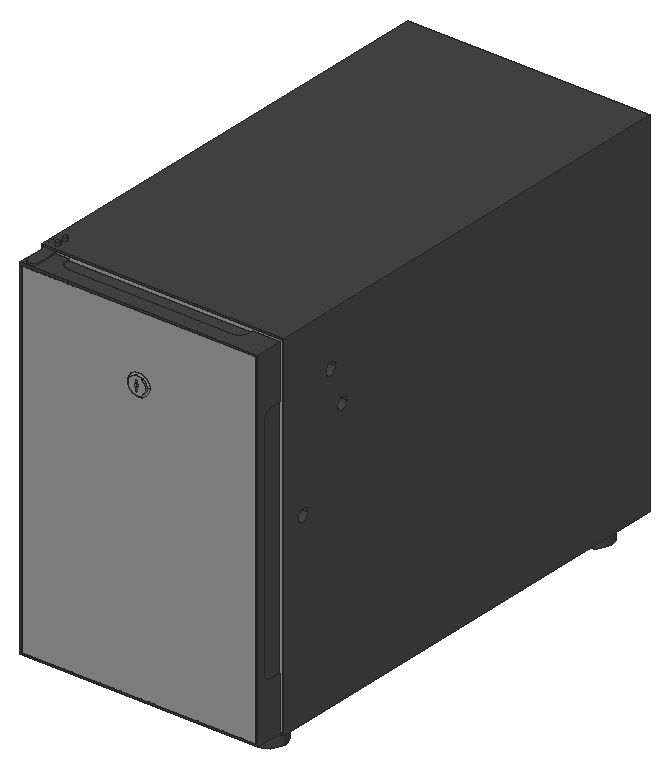
Revit family "Franke_Refrigeration_side_unit_KE200_EC-A200_MS_EC(EU,CH,GB)", category Specialty Equipment, Revit 2015
Parameters (values of type "Refrigeration side unit  KE200 EC-A200 MS EC(220-240V/EU,CH,GB)")
  Volts max. = 240 V
  URL = "https://www.franke.com/main/en/cs/products/product-search.html"
  Depth (mm) = 453 mm
  Temperature range = "+ 3°C to + 8°C"
  Volts min. = 220 V
  Max Overcurrent Protection = "10 A"
  Cycle Alternative = 60 Hz
  Cycle = 50 Hz
  Model = "410862 - Refrigeration side unit KE200 EC - A200 MS EC"
  Milk storage = "4 l"
  Watts = 82 W
  Cost = 0
  Height (mm) = 337 mm
  Manufacturer = "Franke"
  Energy loss acc. to DIN 18873 = "0.460 kWh/24 h - 230 V"
  Width (mm) = 225 mm
  Description = "Refrigeration side unit for storage of cooled milk"
  Assembly Code = "Refrigeration side unit"
  Keynote = "Refrigeration side unit"
  Weight = "13 kg"
  Number of Poles = 1
  Number of Protective Conductors = "1"
  Number of Nutral Conductors = "1"
Reference planes
  plane 1 "Mitte (Vorne/Hinten)": y = 0
  plane 2: z = 0
  plane 3 "Mitte (Links/Rechts)": x = 0
Forms (mm)
  Extrusion 1, solid, material "Franke Black"
    sketch origin (0, 0, 0) x (0, 1, 0) y (0, 0, 1)
      loop
        line (212.3, 356) -> (-212.3, 356) -> (-212.3, 26) -> (212.3, 26) -> (212.3, 356)
    from -112.5 to 112.5
  Extrusion 2, solid, material "Franke Chrome"
    sketch origin (0, 0, 0) x (1, 0, 0) y (0, 0, 1)
      loop
        circle (0, 290.954) r 8
      loop
        arc (1, 294.954) -> (0.707, 295.662) -> (0, 295.954) r 1
        arc (0, 295.954) -> (-0.707, 295.662) -> (-1, 294.954) r 1
        line (-1, 294.954) -> (-1, 292.687)
        arc (-1, 292.687) -> (-2, 290.954) -> (-1, 289.222) r 2
        line (-1, 289.222) -> (-1, 286.954)
        arc (-1, 286.954) -> (-0.707, 286.247) -> (0, 285.954) r 1
        arc (0, 285.954) -> (0.707, 286.247) -> (1, 286.954) r 1
        line (1, 286.954) -> (1, 289.222)
        arc (1, 289.222) -> (2, 290.954) -> (1, 292.687) r 2
        line (1, 292.687) -> (1, 294.954)
    from 240.3 to 242.3
  Blend 3, solid, material "Franke Chrome"
    base sketch origin (0, 0, 0) x (1, 0, 0) y (0, 0, 1)
      loop
        circle (0, 290.954) r 10
    top sketch origin (0, 0, 0) x (1, 0, 0) y (0, 0, 1)
      loop
        circle (0, 290.954) r 8
    from 240.3 to 241.3
  Extrusion 4, solid, material "Franke Black"
    sketch origin (0, 0, 0) x (1, 0, 0) y (0, 0, 1)
      loop
        line (-105.863, 349.363) -> (-105.863, 32.637) -> (105.863, 32.637) -> (105.863, 349.363) -> (-105.863, 349.363)
    from 212.3 to 214.3
  Extrusion 5, solid, material "Franke Black"
    sketch origin (0, 0, 0) x (1, 0, 0) y (0, 1, 0)
      loop
        circle (-77.5, -185.7) r 10
      loop
        circle (-77.5, 193.3) r 10
      loop
        circle (77.5, -185.7) r 10
      loop
        circle (77.5, 193.3) r 10
    from 19 to 26
  Revolve 6, solid, material "Franke Black"
    sketch origin (-77.5, 0, 19) x (0, 1, 0) y (0, 0, 1)
      loop
        line (212.3, 252) -> (225.9, 252) -> (225.9, 262.5)
        arc (225.9, 262.5) -> (225.314, 263.914) -> (223.9, 264.5) r 2
        line (223.9, 264.5) -> (212.3, 264.5) -> (212.3, 252)
      axis (225.9, 252) -> (212.3, 252)
    angle from 0 to 360
  Extrusion 7, void
    sketch origin (0, 0, 19) x (0, 1, 0) y (0, 0, 1)
      loop
        circle (-158.312, 288.596) r 6
      loop
        circle (-144.81, 253.988) r 6
      loop
        circle (-190.311, 180.988) r 6
    from 102.5 to 127.226
  Extrusion 8, void
    sketch origin (0, 0, 19) x (1, 0, 0) y (0, 0, 1)
      loop
        line (60.953, 48.985) -> (60.953, 22.709) -> (92.574, 22.709) -> (92.574, 48.985) -> (60.953, 48.985)
    from -221.866 to -202.3
  Extrusion 9, solid, material "Franke Black"
    sketch origin (0, 0, 0) x (1, 0, 0) y (0, 1, 0)
      loop
        circle (-77.5, 193.3) r 15
      loop
        circle (77.5, 193.3) r 15
      loop
        circle (-77.5, -185.7) r 15
      loop
        circle (77.5, -185.7) r 15
    from 0 to 20
  Extrusion 10, solid, material "Franke Black"
    sketch origin (0, 0, 0) x (1, 0, 0) y (0, 0, 1)
      loop
        line (-110.5, 354) -> (-110.5, 28) -> (110.5, 28) -> (110.5, 354) -> (-110.5, 354)
      loop
        line (108.5, 352) -> (-108.5, 352) -> (-108.5, 30) -> (108.5, 30) -> (108.5, 352)
    from 214.3 to 240.3
  Extrusion 11, solid, material "Franke Stainless Steel"
    sketch origin (0, 0, 0) x (1, 0, 0) y (0, 0, 1)
      loop
        line (-108.5, 352) -> (-108.5, 30) -> (108.5, 30) -> (108.5, 352) -> (-108.5, 352)
      loop
        circle (0, 290.954) r 10
    from 214.3 to 240.3
  Extrusion 12, void
    sketch origin (0, 0, 0) x (0, 1, 0) y (0, 0, 1)
      loop
        line (-212.3, 78) -> (-212.3, 304) -> (-223.8, 304)
        arc (-223.8, 304) -> (-230.871, 301.071) -> (-233.8, 294) r 10
        line (-233.8, 294) -> (-233.8, 88)
        arc (-233.8, 88) -> (-230.871, 80.929) -> (-223.8, 78) r 10
        line (-223.8, 78) -> (-212.3, 78)
    from 109.5 to 123.031
  Extrusion 13, void
    sketch origin (0, 0, 0) x (0, 1, 0) y (0, 0, -1)
      loop
        line (-212.3, -78) -> (-223.8, -78)
        arc (-223.8, -78) -> (-230.871, -80.929) -> (-233.8, -88) r 10
        line (-233.8, -88) -> (-233.8, -294)
        arc (-233.8, -294) -> (-230.871, -301.071) -> (-223.8, -304) r 10
        line (-223.8, -304) -> (-212.3, -304) -> (-212.3, -78)
    from 109.5 to 123.031
  Extrusion 14, void
    sketch origin (0, 0, 0) x (1, 0, 0) y (0, 1, 0)
      loop
        line (-85.5, -212.3) -> (-85.5, -217.3)
        arc (-85.5, -217.3) -> (-82.571, -224.371) -> (-75.5, -227.3) r 10
        line (-75.5, -227.3) -> (75.5, -227.3)
        arc (75.5, -227.3) -> (82.571, -224.371) -> (85.5, -217.3) r 10
        line (85.5, -217.3) -> (85.5, -212.3) -> (-85.5, -212.3)
    from 353 to 371.405
  Extrusion 15, void
    sketch origin (0, 0, -342.405) x (0, -1, 0) y (1, 0, 0)
      loop
        line (212.3, -85.5) -> (217.3, -85.5)
        arc (217.3, -85.5) -> (224.371, -82.571) -> (227.3, -75.5) r 10
        line (227.3, -75.5) -> (227.3, 75.5)
        arc (227.3, 75.5) -> (224.371, 82.571) -> (217.3, 85.5) r 10
        line (217.3, 85.5) -> (212.3, 85.5) -> (212.3, -85.5)
    from 353 to 371.405
  Extrusion 16, void
    sketch origin (0, 0, 0) x (1, 0, 0) y (0, 0, 1)
      loop
        line (111.5, 355) -> (-111.5, 355) -> (-111.5, 27) -> (111.5, 27) -> (111.5, 355)
    from 199.527 to 273.235
  Extrusion 17, solid, material "Franke Plastic white"
    sketch origin (0, 0, 0) x (1, 0, 0) y (0, 0, 1)
      loop
        line (-111.5, 355) -> (-111.5, 27) -> (111.5, 27) -> (111.5, 355) -> (-111.5, 355)
    from 199.527 to 212.3
  Extrusion 18, solid, material "Franke Black"
    sketch origin (0, 0, 0) x (1, 0, 0) y (0, 1, 0)
      loop
        arc (-108.5, -233.3) -> (-103.5, -238.3) -> (-98.5, -233.3) r 5
        line (-98.5, -233.3) -> (-98.5, -212.3) -> (-108.5, -212.3) -> (-108.5, -233.3)
    from 354 to 355
  Extrusion 19, solid, material "Franke Black"
    sketch origin (0, 0, 0) x (1, 0, 0) y (0, 1, 0)
      loop
        circle (-103.5, -205.3) r 2
      loop
        circle (-103.5, -196.3) r 2
    from 356 to 358.5
  Extrusion 20, solid, material "Franke Black"
    sketch origin (0, 0, -327) x (0, -1, 0) y (1, 0, 0)
      loop
        arc (233.3, -108.5) -> (238.3, -103.5) -> (233.3, -98.5) r 5
        line (233.3, -98.5) -> (212.3, -98.5) -> (212.3, -108.5) -> (233.3, -108.5)
    from 354 to 355
  Extrusion 21, solid, material "Franke Black"
    sketch origin (0, 0, 0) x (1, 0, 0) y (0, 1, 0)
      loop
        circle (0, 174.198) r 2.5
    from 20 to 26
Cuts and joins
  Extrusion 7, Extrusion 8, Extrusion 16 cuts Extrusion 1
  Extrusion 12, Extrusion 13, Extrusion 14, Extrusion 15 cuts Extrusion 10
Dimensions and locks
  aligned and locked: level to plane 2
Connectors
  electrical at (0, 174.198, 20), driven by "Volts min.", driven by "Number of Poles"
    settings: on Extrusion 21, index 1, voltage 220 V, apparent load 0 VA, apparent load phase1 0 VA, apparent load phase2 0 VA, apparent load phase3 0 VA, power factor 1, load classification "Strom", number of poles 1, system type 31, power factor state 1, is connector primary yes, connector utility no, sub classification motor no, connector description ""
